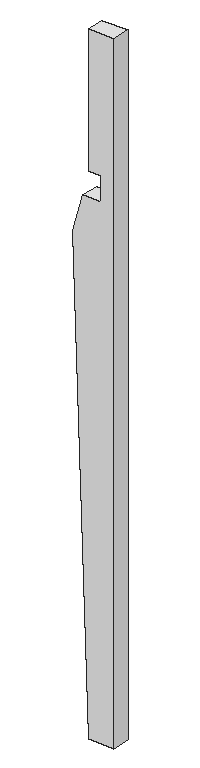
Revit family "Pilar_Con_Retang_Premoldado", category Structural Columns, Revit 2025
Family settings
  Display in Hidden Views = Edges Hidden by Other Members
  Section Shape = Not Defined
  Material for Model Behavior = Precast Concrete
  Always export as geometry = No
  Beam cutback in plan = From bounding box
  OmniClass Number = 23.25.30.11.14.11
  OmniClass Title = Columns
  Cut with Voids When Loaded = No
  Symbolic Representation = From Family
  Shared = No
  Show family pre-cut in plan views = Yes
Parameters (values of type "PIL_060x030_CON_PRE")
  TransChamfer = if(Chamfer = 0 mm, 10 mm, Chamfer)  # 10 mm
  Tie Rod Weight [instance] = 30
  Tie Rod W [instance] = (Tie Rod Weight) * 9.80 kN / 1000  # 0.294 kN
  Structural Material [instance] = CT_Concreto_Premoldado
  Single Rebar Weight [instance] = 50
  Single Rebar W [instance] = (Single Rebar Weight * 9.80 kN) / 1000  # 0.49 kN
  Rebar Grids Weight [instance] = 100
  Rebar Grids W [instance] = (Rebar Grids Weight * 9.80 kN) / 1000  # 0.98 kN
  Opening Depth [instance] = if(Opening, h, 0 mm)  # 0 mm
  Material_Coluna_Premoldada = CT_Concreto_Premoldado
  Double Sides = no
  Seat Depth Right [instance] = 200 mm
  Seat Depth Left [instance] = 200 mm
  Seat Depth 1 [instance] = if(not(Double Sides), 0 mm, Seat Depth Left)  # 0 mm
  Opening Distance [instance] = 1500 mm
  Seat Height [instance] = 1000 mm
  Opening Radius [instance] = 40 mm
  Opening = no
  b = 600 mm
  h = 400 mm
  Chamfer = 0 mm
Reference planes
  plane 1 "Center (Front/Back)": y = 0
  plane 2: z = 0
  plane 3 "Center (Left/Right)": x = 0
  plane 4: x = -300
  plane 5: y = -200
  plane 6: x = 300
  plane 7: y = 200
  plane 8: z = 11440
  plane 9: z = 12000
  plane 10: z = 10600
Forms (mm)
  Extrusion 1, solid, material "CT_Concreto_Premoldado" <- "Material_Coluna_Premoldada"
    sketch origin (0, 0, 0) x (1, 0, 0) y (0, 0, 1)
      loop
        line (-300, 15000) -> (-300, 12000) -> (0, 12000) -> (0, 11440) -> (-430, 11440) -> (-655.077, 10600) -> (-300, 0) -> (300, 0) -> (300, 15000) -> (-300, 15000)
    from -200 to 200
Dimensions and locks
  "h": plane 7 to plane 5
  equal spacing: plane 4, plane 3 "Center (Left/Right)", plane 6
  "b": plane 4 to plane 6
  locked: Extrusion 1 sketch curve to Extrusion 1 sketch curve at 3000
  locked: Extrusion 1 sketch curve to Extrusion 1 sketch curve at 560
  equal spacing: plane 7, plane 1 "Center (Front/Back)", plane 5
  aligned and locked: level to plane 2
  aligned and locked: Extrusion 1 sketch curve to level
  aligned and locked: level to Extrusion 1 sketch curve
  aligned and locked: plane 6 to Extrusion 1 sketch curve
  aligned and locked: plane 7 to Extrusion 1
  aligned and locked: plane 5 to Extrusion 1
  aligned and locked: Extrusion 1 sketch curve to plane 3 "Center (Left/Right)"
Automatic sketch dimensions
  Extrusion 1 sketch curve to plane 10 = 0 mm
  plane 4 to Extrusion 1 sketch curve = 0 mm  (x2)
  plane 4 to Extrusion 1 sketch curve = 130 mm
  plane 4 to Extrusion 1 sketch curve = 355.077 mm
